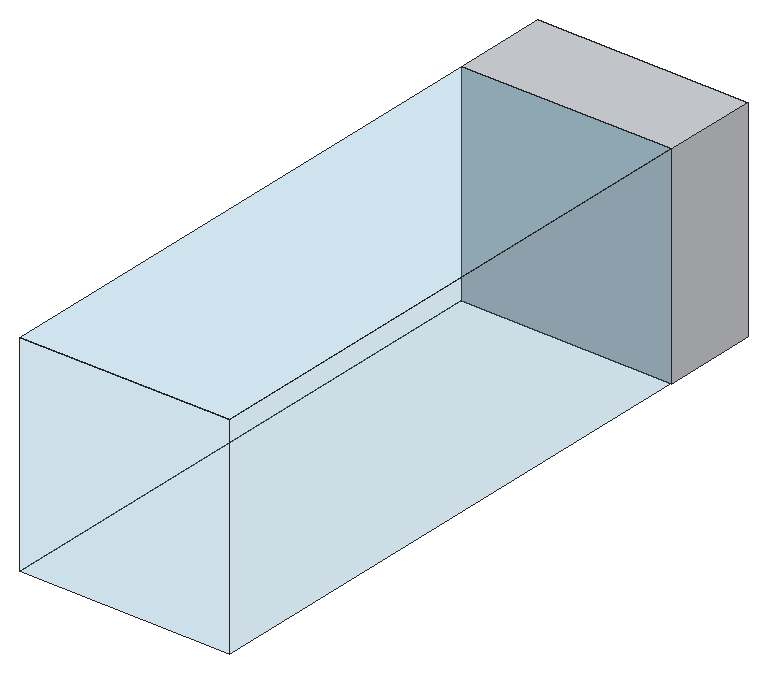
Revit family "Conduit Junction Box - Clearance", category Electrical Fixtures, Revit 2018
Family settings
  Maintain Annotation Orientation = No
  Round Connector Dimension = Use Radius
  Part Type = Junction Box
  OmniClass Number = 23.80.30.17.11
  OmniClass Title = Conduits
  Work Plane-Based = No
  Always vertical = Yes
  Cut with Voids When Loaded = No
  Shared = No
  Room Calculation Point = No
Parameters (values of type "Standard Vertical")
  scf vis 2 [instance] = and(Flip Side Clearance, Vertical)  # no
  scf vis 1 [instance] = and(not(Flip Side Clearance), Vertical)  # yes
  not vert [instance] = not(Vertical)  # no
  Width In Inches [instance] = Width / 0' 1"  # 4.5625
  Width [instance] = if(Two Gang, Length * 2, Length)  # 4 9/16"
  Vertical = yes
  Two Gang = no
  Top Clearance [instance] = 0' - 1"
  Side Clearance [instance] = 1' - 0"
  Nominal Radius 4 [instance] = 3/8"
  Nominal Radius 3 [instance] = 3/8"
  Nominal Radius 2 [instance] = 3/8"
  Nominal Radius 1 [instance] = 3/8"
  Nominal Diameter 4 [instance] = Nominal Radius 4 * 2  # 3/4"
  Nominal Diameter 3 [instance] = Nominal Radius 3 * 2  # 3/4"
  Nominal Diameter 2 [instance] = Nominal Radius 2 * 2  # 3/4"
  Nominal Diameter 1 [instance] = Nominal Radius 1 * 2  # 3/4"
  Max Nominal Diameter 34 [instance] = if(Nominal Diameter 3 > Nominal Diameter 4, Nominal Diameter 3, Nominal Diameter 4)  # 3/4"
  Max Nominal Diameter 1234 [instance] = if(Max Nominal Diameter 12 > Max Nominal Diameter 34, Max Nominal Diameter 12, Max Nominal Diameter 34)  # 3/4"
  Max Nominal Diameter 12 [instance] = if(Nominal Diameter 1 > Nominal Diameter 2, Nominal Diameter 1, Nominal Diameter 2)  # 3/4"
  Height In Inches [instance] = Height / 0' 1"  # 2.0625
  Height [instance] = if(not(Max Nominal Diameter 1234 > 1"), 2 1/16", if(Max Nominal Diameter 1234 < 6", 6", Max Nominal Diameter 1234 * 1.2))  # 2 1/16"
  Length [instance] = if(not(Max Nominal Diameter 1234 > 1"), 4 9/16", 6 * Max Nominal Diameter 1234)  # 4 9/16"
  Flip Side Clearance [instance] = no
  Depth In Inches [instance] = Length / 0' 1"  # 4.5625
Types (3): name | scf vis 1 | not vert | Width In Inches | Width | Vertical | Two Gang | Nominal Radius 4 | Nominal Radius 3 | Nominal Radius 2 | Nominal Radius 1 | Nominal Diameter 4 | Nominal Diameter 3 | Nominal Diameter 2 | Nominal Diameter 1 | Max Nominal Diameter 34 | Max Nominal Diameter 1234 | Max Nominal Diameter 12
  Standard | no | yes | 4.5625 | 4 9/16" | no | no | 3/8" | 3/8" | 3/8" | 3/8" | 3/4" | 3/4" | 3/4" | 3/4" | 3/4" | 3/4" | 3/4"
  Two Gang | no | yes | 9.125 | 9 1/8" | no | yes | 1/4" | 1/4" | 1/4" | 1/4" | 1/2" | 1/2" | 1/2" | 1/2" | 1/2" | 1/2" | 1/2"
  Standard Vertical | yes | no | 4.5625 | 4 9/16" | yes | no | 3/8" | 3/8" | 3/8" | 3/8" | 3/4" | 3/4" | 3/4" | 3/4" | 3/4" | 3/4" | 3/4"
Reference planes (in)
  plane 1 "Center (Front/Back)": y = 0
  plane 2: z = 0
  plane 3 "Center (Left/Right)": x = 0
  plane 4: x = -2.28125
  plane 5: x = 2.28125
  plane 6: y = 2.28125
  plane 7: y = -2.28125
  plane 8: z = 1.03125
  plane 9: z = -1.03125
  plane 10: y = 1.03125
  plane 11: y = -1.03125
  plane 12: y = 13.03125
  plane 13: y = -13.03125
Forms (in)
  Extrusion 1, solid, visible <- "not vert"
    sketch origin (0, 0, 0) x (1, 0, 0) y (0, 1, 0)
      loop
        line (-2.28125, 2.28125) -> (-2.28125, -2.28125) -> (2.28125, -2.28125) -> (2.28125, 2.28125) -> (-2.28125, 2.28125)
    from -1.03125 to 1.03125
  Extrusion 2, solid, visible <- "Vertical"
    sketch origin (0, 0, 0) x (1, 0, 0) y (0, 0, 1)
      loop
        line (-2.28125, 2.28125) -> (-2.28125, -2.28125) -> (2.28125, -2.28125) -> (2.28125, 2.28125) -> (-2.28125, 2.28125)
    from -1.03125 to 1.03125
  Extrusion 3, solid, material "Glass", visible <- "not vert"
    sketch origin (0, 0, 0) x (1, 0, 0) y (0, 1, 0)
      loop
        line (2.28125, -2.28125) -> (2.28125, 2.28125) -> (-2.28125, 2.28125) -> (-2.28125, -2.28125) -> (2.28125, -2.28125)
    from 1.03125 to 2.03125
  Extrusion 4, solid, material "Glass", visible <- "scf vis 2"
    sketch origin (0, 10.38468, 0) x (1, 0, 0) y (0, 1, 0)
      loop
        line (-2.28125, -9.35343) -> (2.28125, -9.35343) -> (2.28125, 2.64657) -> (-2.28125, 2.64657) -> (-2.28125, -9.35343)
    from -2.28125 to 2.28125
  Extrusion 5, solid, material "Glass", visible <- "scf vis 1"
    sketch origin (0, -7.86532, 0) x (1, 0, 0) y (0, 1, 0)
      loop
        line (-2.28125, -5.16593) -> (2.28125, -5.16593) -> (2.28125, 6.83407) -> (-2.28125, 6.83407) -> (-2.28125, -5.16593)
    from -2.28125 to 2.28125
Dimensions and locks (in)
  equal spacing: plane 4, plane 3 "Center (Left/Right)", plane 5
  "Length": plane 4 to plane 5
  equal spacing: plane 6, plane 1 "Center (Front/Back)", plane 7
  "Width": plane 6 to plane 7
  equal spacing: plane 8, plane 2, plane 9
  "Height": plane 8 to plane 9
  Extrusion 4 to plane 6 = 0' - 10 3/4"
  "Side Clearance": plane 12 to plane 10
  equal spacing: plane 10, plane 1 "Center (Front/Back)", plane 11, locked at 1.03125 each
  "Side Clearance": plane 11 to plane 13
  "Top Clearance": Extrusion 3 to plane 8
  aligned and locked: Extrusion 1 sketch curve to plane 6
  aligned and locked: plane 4 to Extrusion 1 sketch curve
  aligned and locked: plane 7 to Extrusion 1 sketch curve
  aligned and locked: Extrusion 1 sketch curve to plane 5
  aligned and locked: Extrusion 1 to plane 9
  aligned and locked: plane 8 to Extrusion 1
  aligned and locked: Extrusion 3 sketch curve to Extrusion 1  (x4)
  aligned and locked: Extrusion 3 to plane 8
  aligned and locked: Extrusion 4 sketch curve to Extrusion 2
  aligned and locked: plane 5 to Extrusion 4 sketch curve
  aligned and locked: plane 11 to Extrusion 2  (x2)
  aligned and locked: Extrusion 2 to plane 10
  aligned and locked: plane 10 to Extrusion 4
  aligned and locked: Extrusion 4 to plane 12
  aligned and locked: plane 13 to Extrusion 5
  aligned and locked: plane 11 to Extrusion 5
Automatic sketch dimensions
  Extrusion 2 sketch curve to plane 4 = 0' - 0"
  Extrusion 2 sketch curve to plane 5 = 0' - 0"
  Extrusion 2 sketch curve to plane 9 = 0' - 1 1/4"
  plane 8 to Extrusion 2 sketch curve = 0' - 1 1/4"
  plane 10 to Extrusion 4 sketch curve = 0' - 0"
  plane 12 to Extrusion 4 sketch curve = 0' - 0"
  Extrusion 5 sketch curve to plane 4 = 0' - 0"
  Extrusion 5 sketch curve to plane 5 = 0' - 0"
  Extrusion 5 sketch curve to plane 13 = 0' - 0"
  plane 7 to Extrusion 5 sketch curve = 0' - 1 1/4"
Connectors (in)
  cabletrayconduit at (-2.28125, 0, 0), diameter 0.75, driven by "Nominal Radius 1"
    settings: on Extrusion 1, index 1, connector width 1' - 0", connector height 1' - 0", connector angle 0.00°, system type 32, placement type 0, profile type 0, connector reference index 2, is primary connector yes, connector utility param no, connector description ""
  cabletrayconduit at (2.28125, 0, 0), diameter 0.75, driven by "Nominal Radius 2"
    settings: on Extrusion 1, index 2, connector width 1' - 0", connector height 1' - 0", connector angle 0.00°, system type 32, placement type 0, profile type 0, connector reference index 1, is primary connector no, connector utility param no, connector description ""
  cabletrayconduit at (0, -2.28125, 0), diameter 0.75, driven by "Nominal Radius 3"
    settings: on Extrusion 1, index 3, connector width 1' - 0", connector height 1' - 0", connector angle 0.00°, system type 32, placement type 0, profile type 0, connector reference index 4, is primary connector no, connector utility param no, connector description ""
  cabletrayconduit at (0, 2.28125, 0), diameter 0.75, driven by "Nominal Radius 4"
    settings: on Extrusion 1, index 4, connector width 1' - 0", connector height 1' - 0", connector angle 0.00°, system type 32, placement type 0, profile type 0, connector reference index 3, is primary connector no, connector utility param no, connector description ""
  cabletrayconduit at (0, 0, 1.03125), diameter 0.75, driven by "Nominal Radius 1"
    settings: on Extrusion 1, index 5, connector width 1' - 0", connector height 1' - 0", connector angle 0.00°, system type 32, placement type 0, profile type 0, connector reference index -1, is primary connector no, connector utility param no, connector description ""
  cabletrayconduit at (0, 0, -1.03125), diameter 0.75, driven by "Nominal Radius 1"
    settings: on Extrusion 1, index 6, connector width 1' - 0", connector height 1' - 0", connector angle 0.00°, system type 32, placement type 0, profile type 0, connector reference index -1, is primary connector no, connector utility param no, connector description ""
  cabletrayconduit at (0, 0, 1.03125), diameter 24
    settings: on Extrusion 1, index 7, connector width 1' - 0", connector height 1' - 0", connector angle 0.00°, system type 32, placement type 1, profile type 0, connector reference index -1, is primary connector no, connector utility param no, connector description ""
  cabletrayconduit at (0, 0, -1.03125), diameter 24
    settings: on Extrusion 1, index 8, connector width 1' - 0", connector height 1' - 0", connector angle 0.00°, system type 32, placement type 1, profile type 0, connector reference index -1, is primary connector no, connector utility param no, connector description ""
  piping at (0, -2.28125, 0), diameter 0.75, driven by "Nominal Radius 3"
    settings: on Extrusion 1, index 9, connector inside diameter 24", connector length 0' - 0", flow factor 0, pipe flow 0 GPM, pressure drop 0.00 psi, fitting loss kfactor 0, connector angle 0.00°, fixture units 0, engagement length 0' - 0", angle of deflection 0.00°, flow configuration 0, flow direction 0, fitting loss method 0, system type 7, joint type 0, gender type 0, connector reference index -1, connector utility 0, adjustable connector no, is connector primary yes, connector description ""
  piping at (2.28125, 0, 0), diameter 0.75, driven by "Nominal Radius 2"
    settings: on Extrusion 1, index 10, connector inside diameter 24", connector length 0' - 0", flow factor 0, pipe flow 0 GPM, pressure drop 0.00 psi, fitting loss kfactor 0, connector angle 0.00°, fixture units 0, engagement length 0' - 0", angle of deflection 0.00°, flow configuration 0, flow direction 0, fitting loss method 0, system type 7, joint type 0, gender type 0, connector reference index -1, connector utility 0, adjustable connector no, is connector primary no, connector description ""
  piping at (0, 0, 1.03125), diameter 0.75, driven by "Nominal Radius 4"
    settings: on Extrusion 1, index 11, connector inside diameter 24", connector length 0' - 0", flow factor 0, pipe flow 0 GPM, pressure drop 0.00 psi, fitting loss kfactor 0, connector angle 0.00°, fixture units 0, engagement length 0' - 0", angle of deflection 0.00°, flow configuration 0, flow direction 0, fitting loss method 0, system type 7, joint type 0, gender type 0, connector reference index -1, connector utility 0, adjustable connector no, is connector primary no, connector description ""
  piping at (0, 2.28125, 0), diameter 0.75, driven by "Nominal Radius 4"
    settings: on Extrusion 1, index 12, connector inside diameter 24", connector length 0' - 0", flow factor 0, pipe flow 0 GPM, pressure drop 0.00 psi, fitting loss kfactor 0, connector angle 0.00°, fixture units 0, engagement length 0' - 0", angle of deflection 0.00°, flow configuration 0, flow direction 0, fitting loss method 0, system type 7, joint type 0, gender type 0, connector reference index -1, connector utility 0, adjustable connector no, is connector primary no, connector description ""
  piping at (-2.28125, 0, 0), diameter 0.75, driven by "Nominal Radius 1"
    settings: on Extrusion 1, index 13, connector inside diameter 24", connector length 0' - 0", flow factor 0, pipe flow 0 GPM, pressure drop 0.00 psi, fitting loss kfactor 0, connector angle 0.00°, fixture units 0, engagement length 0' - 0", angle of deflection 0.00°, flow configuration 0, flow direction 0, fitting loss method 0, system type 7, joint type 0, gender type 0, connector reference index -1, connector utility 0, adjustable connector no, is connector primary no, connector description ""
  cabletrayconduit at (-2.28125, 0, 0), diameter 0.75, driven by "Nominal Radius 1"
    settings: on Extrusion 2, index 14, connector width 1' - 0", connector height 1' - 0", connector angle 0.00°, system type 32, placement type 0, profile type 0, connector reference index -1, is primary connector no, connector utility param no, connector description ""
  cabletrayconduit at (2.28125, 0, 0), diameter 0.75, driven by "Nominal Radius 2"
    settings: on Extrusion 2, index 15, connector width 1' - 0", connector height 1' - 0", connector angle 0.00°, system type 32, placement type 0, profile type 0, connector reference index -1, is primary connector no, connector utility param no, connector description ""
  cabletrayconduit at (0, 0, -2.28125), diameter 0.75, driven by "Nominal Radius 3"
    settings: on Extrusion 2, index 16, connector width 1' - 0", connector height 1' - 0", connector angle 0.00°, system type 32, placement type 0, profile type 0, connector reference index -1, is primary connector no, connector utility param no, connector description ""
  cabletrayconduit at (0, 0, 2.28125), diameter 0.75, driven by "Nominal Radius 4"
    settings: on Extrusion 2, index 17, connector width 1' - 0", connector height 1' - 0", connector angle 0.00°, system type 32, placement type 0, profile type 0, connector reference index -1, is primary connector no, connector utility param no, connector description ""
  cabletrayconduit at (0, -1.03125, 0), diameter 0.75, driven by "Nominal Radius 1"
    settings: on Extrusion 2, index 18, connector width 1' - 0", connector height 1' - 0", connector angle 0.00°, system type 32, placement type 0, profile type 0, connector reference index -1, is primary connector no, connector utility param no, connector description ""
  cabletrayconduit at (0, 1.03125, 0), diameter 0.75, driven by "Nominal Radius 1"
    settings: on Extrusion 2, index 19, connector width 1' - 0", connector height 1' - 0", connector angle 0.00°, system type 32, placement type 0, profile type 0, connector reference index -1, is primary connector no, connector utility param no, connector description ""
  cabletrayconduit at (0, -1.03125, 0), diameter 24
    settings: on Extrusion 2, index 20, connector width 1' - 0", connector height 1' - 0", connector angle 0.00°, system type 32, placement type 1, profile type 0, connector reference index -1, is primary connector no, connector utility param no, connector description ""
  cabletrayconduit at (0, 1.03125, 0), diameter 24
    settings: on Extrusion 2, index 21, connector width 1' - 0", connector height 1' - 0", connector angle 0.00°, system type 32, placement type 1, profile type 0, connector reference index -1, is primary connector no, connector utility param no, connector description ""
  piping at (0, 0, -2.28125), diameter 0.75, driven by "Nominal Radius 3"
    settings: on Extrusion 2, index 22, connector inside diameter 24", connector length 0' - 0", flow factor 0, pipe flow 0 GPM, pressure drop 0.00 psi, fitting loss kfactor 0, connector angle 0.00°, fixture units 0, engagement length 0' - 0", angle of deflection 0.00°, flow configuration 0, flow direction 0, fitting loss method 0, system type 7, joint type 0, gender type 0, connector reference index -1, connector utility 0, adjustable connector no, is connector primary no, connector description ""
  piping at (2.28125, 0, 0), diameter 0.75, driven by "Nominal Radius 2"
    settings: on Extrusion 2, index 23, connector inside diameter 24", connector length 0' - 0", flow factor 0, pipe flow 0 GPM, pressure drop 0.00 psi, fitting loss kfactor 0, connector angle 0.00°, fixture units 0, engagement length 0' - 0", angle of deflection 0.00°, flow configuration 0, flow direction 0, fitting loss method 0, system type 7, joint type 0, gender type 0, connector reference index -1, connector utility 0, adjustable connector no, is connector primary no, connector description ""
  piping at (0, -1.03125, 0), diameter 0.75, driven by "Nominal Radius 4"
    settings: on Extrusion 2, index 24, connector inside diameter 24", connector length 0' - 0", flow factor 0, pipe flow 0 GPM, pressure drop 0.00 psi, fitting loss kfactor 0, connector angle 0.00°, fixture units 0, engagement length 0' - 0", angle of deflection 0.00°, flow configuration 0, flow direction 0, fitting loss method 0, system type 7, joint type 0, gender type 0, connector reference index -1, connector utility 0, adjustable connector no, is connector primary no, connector description ""
  piping at (0, 0, 2.28125), diameter 0.75, driven by "Nominal Radius 4"
    settings: on Extrusion 2, index 25, connector inside diameter 24", connector length 0' - 0", flow factor 0, pipe flow 0 GPM, pressure drop 0.00 psi, fitting loss kfactor 0, connector angle 0.00°, fixture units 0, engagement length 0' - 0", angle of deflection 0.00°, flow configuration 0, flow direction 0, fitting loss method 0, system type 7, joint type 0, gender type 0, connector reference index -1, connector utility 0, adjustable connector no, is connector primary no, connector description ""
  piping at (-2.28125, 0, 0), diameter 0.75, driven by "Nominal Radius 1"
    settings: on Extrusion 2, index 26, connector inside diameter 24", connector length 0' - 0", flow factor 0, pipe flow 0 GPM, pressure drop 0.00 psi, fitting loss kfactor 0, connector angle 0.00°, fixture units 0, engagement length 0' - 0", angle of deflection 0.00°, flow configuration 0, flow direction 0, fitting loss method 0, system type 7, joint type 0, gender type 0, connector reference index -1, connector utility 0, adjustable connector no, is connector primary no, connector description ""
